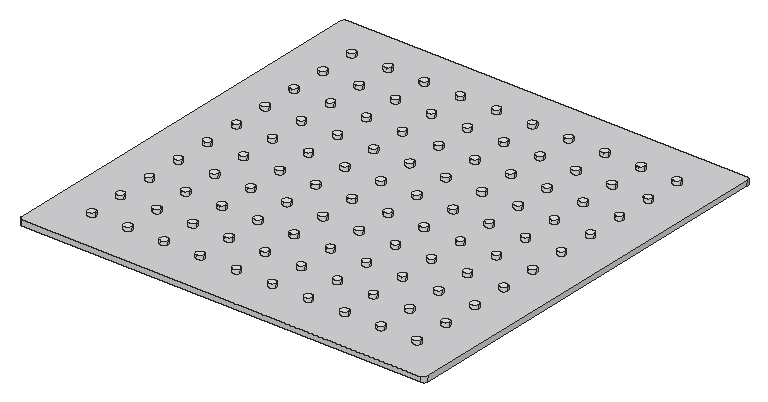
Revit family "Shower-Showerhead-KOHLER-Xpress_Katalyst-K-73038M-1", category Plumbing Fixtures, host Face, Revit 2017
Family settings
  Host = Face
  Round Connector Dimension = Use Diameter
  Part Type = Normal
  OmniClass Number = 23.31.17.00
  Cut with Voids When Loaded = No
  Shared = No
  Room Calculation Point = No
Parameters (values of type "CP-Polished Chrome")
  Width = 8"  # constant formula
  WaterSense Certified = 1 = 0  # no
  Waste Water Outlet = "Waste Water Outlet"  # constant formula
  Waste Connection = 1 = 0  # no
  Vent Connection = 1 = 0  # no
  URL = "https://la.kohler.com/es?country=MX"
  Type = 1
  Tempered Water Inlet = "Tempered Water Inlet"  # constant formula
  Product Page URL = "https://la.kohler.com/es/product-detail/73038m-cl?skuid=K-73038M-CL-CP"
  Product Name = "Xpress_Katalyst"  # constant formula
  Product Documentation Link = "http://resources.kohler.com/plumbing/kohlerla/pdf/73038T%208%20SS%20Square%20Rainhead%20Spec%20Sheet.pdf"
  Pressure = 80.00 psi  # constant formula
  Model = if(Type = 1, "K-73038M-CL-CP", "NA")  # "K-73038M-CL-CP"
  Material = "Brass Construction"  # constant formula
  Master Format 2014 Name = "Residential Showers"  # constant formula
  Master Format 2014 = "22 42 23"  # constant formula
  Manufacturer Address = "KOHLER Co. 444 Highland Dr. Kohler, WI 53044"  # constant formula
  Manufacturer = "KOHLER Co."  # constant formula
  Length = 7 255/256"  # constant formula
  Hot Water Inlet = "Hot Water Inlet"  # constant formula
  Height = 2 53/128"  # constant formula
  HW Connection = 1 = 1  # yes
  Flow Rate = 2.5 GPM  # constant formula
  Finish = Kohler-Metal-CP-Polished_Chrome
  Environmental Product Declaration = ""
  Drain Included = 1 = 0  # no
  Description = "Rainhead, 8 Inch - Contemporary"  # constant formula
  Default Elevation = 0"
  Declare Label = ""
  Date Modified = "10/20/2020"  # constant formula
  Date Created = "10/20/2020"  # constant formula
  Copyright = "Copyright KOHLER Co."  # constant formula
  Contact Us = "https://la.kohler.com/es/contact-us-page"
  Cold Water Inlet = "Cold Water Inlet"  # constant formula
  CW Connection = 1 = 0  # no
  Assembly Code = "D2010700"
  ADA Compliant = 1 = 0  # no
Reference planes (in)
  plane 1 "Center (Front/Back)": y = 0
  plane 2: z = 0
  plane 3 "Center (Left/Right)": x = 0
  plane 4: y = 3.99796
  plane 5: y = -3.99814
  plane 6: x = -3.99882
  plane 7: x = 4.00118
  plane 8: z = 2.41406
  plane 9: z = 2.06305
  plane 10: z = 2.35433
  plane 11: z = 2.25998
Dimensions and locks (in)
  "Length": plane 4 to plane 5
  "Width": plane 6 to plane 7
  plane 10 to level = 2.35433"
  "Height": plane 8 to level
  plane 7 to plane 6 = 8"
  aligned and locked: plane 2 to host face
  aligned and locked: level to host face
Automatic sketch dimensions
  host sketch curve to host sketch curve = 96"  (x2)
Nested families (in)
  nested 1: "K-73038M" at (0, 0, 0), type "K-73038M"
Connectors (in)
  piping at (0, 0, 0), diameter 0.5, driven by "Flow Rate", driven by "HW Connection", driven by "Tempered Water Inlet", driven by "Pressure"
    settings: on nested 1, index 1, connector inside diameter 24", connector length 0", flow factor 0, pipe flow 2.5 GPM, pressure drop 80.00 psi, fitting loss kfactor 0, connector angle 0.00°, fixture units 0, engagement length 0", angle of deflection 0.00°, flow configuration 1, flow direction 1, fitting loss method 4, system type 19, joint type 0, gender type 0, connector reference index -1, connector utility 1, adjustable connector no, is connector primary yes, connector description "Tempered Water Inlet"
Definition of nested family "K-73038M"
  Parameters (values of type "K-73038T")
    Material = none
  Reference planes (in)
    plane 1 "Center (Front/Back)": y = 0
    plane 2: z = 0
    plane 3 "Center (Left/Right)": x = 0
    plane 4: y = 3.99796
    plane 5: y = 3.74771
    plane 6: y = 3.19602
    plane 7: y = 2.4857
    plane 8: y = 1.77503
    plane 9: y = 1.06448
    plane 10: y = 0.35342
    plane 11: y = -3.99796
    plane 12: y = -3.74771
    plane 13: y = -3.19602
    plane 14: y = -2.4857
    plane 15: y = -1.77503
    plane 16: y = -1.06448
    plane 17: y = -0.35342
    plane 18: x = -3.99882
    plane 19: x = -3.19731
    plane 20: x = -2.48577
    plane 21: x = -1.77542
    plane 22: x = -1.06421
    plane 23: x = -0.35406
    plane 24: x = 3.99882
    plane 25: x = 3.19731
    plane 26: x = 2.48577
    plane 27: x = 1.77542
    plane 28: x = 1.06421
    plane 29: x = 0.35406
    plane 30: x = -3.74858
    plane 31: x = 3.74858
    plane 32: y = 2.98824
    plane 33: y = -2.98824
    plane 34: x = -2.90805
    plane 35: x = 2.90805
    plane 36: z = 2.41382
    plane 37: z = 2.30714
    plane 38: z = 2.35438
    plane 39: z = 2.25998
    plane 40: z = 2.24243
    plane 41: z = 2.08265
    plane 42: z = 2.06305
    plane 43: x = -0.71734
    plane 44: x = -0.6878
    plane 45: z = 0.98431
    plane 46: z = 0.86725
    plane 47: z = 0.74899
    plane 48: z = 0.5369
    plane 49: z = 0.02031
    plane 50: x = -0.49488
    plane 51: x = -0.45355
    plane 52: y = 0.71648
    plane 53: y = 0.20182
    plane 54: y = -0.20182
    plane 55: z = 0.16934
    plane 56: y = -0.71648
    plane 57: y = 0.49402
    plane 58: y = -0.49402
    plane 59: x = 0.71734
    plane 60: x = 0.6878
    plane 61: x = 0.49488
    plane 62: x = 0.45355
    plane 63: z = 1.45675
  Forms (in)
    Revolve 1, solid, material <- "Material", detail levels medium+fine
      sketch origin (-0.00366, 0, -0.0022) x (1, 0, 0) y (0, 0, 1)
        loop
          line (-0.47125, 0.00226) -> (0.00484, 0.00226) -> (0.00484, 2.16981) -> (-0.71368, 2.16981) -> (-0.71368, 0.9865) -> (-0.4358, 0.9865)
          arc (-0.4358, 0.9865) -> (-0.38706, 0.92397) -> (-0.32964, 0.86928) r 0.53745
          arc (-0.32964, 0.86928) -> (-0.30497, 0.80504) -> (-0.34757, 0.751) r 0.06961
          arc (-0.34757, 0.751) -> (-0.45197, 0.66617) -> (-0.49122, 0.53751) r 0.23047
          line (-0.49122, 0.53751) -> (-0.49122, 0.02223)
          arc (-0.49122, 0.02223) -> (-0.48537, 0.00811) -> (-0.47125, 0.00226) r 0.01997
        axis (0.00484, 2.16981) -> (0.00484, 0.00226)
      angle from 0 to 360
    Extrusion 2, solid, detail levels medium+fine
      sketch origin (0, 0, -0.33618) x (1, 0, 0) y (0, 1, 0)
        loop
          circle (3.19914, -3.1995) r 0.07415
        loop
          circle (2.48792, -3.1995) r 0.07415
        loop
          circle (1.77777, -3.1995) r 0.07415
        loop
          circle (1.06656, -3.1995) r 0.07415
        loop
          circle (0.35716, -3.1995) r 0.07415
        loop
          circle (-0.35406, -3.1995) r 0.07415
        loop
          circle (-1.06421, -3.1995) r 0.07415
        loop
          circle (-1.77542, -3.1995) r 0.07415
        loop
          circle (-2.4861, -3.1995) r 0.07415
        loop
          circle (-3.19731, -3.1995) r 0.07415
        loop
          circle (3.19914, -2.49072) r 0.07415
        loop
          circle (2.48792, -2.49072) r 0.07415
        loop
          circle (1.77777, -2.49072) r 0.07415
        loop
          circle (1.06656, -2.49072) r 0.07415
        loop
          circle (0.35716, -2.49072) r 0.07415
        loop
          circle (-0.35406, -2.49072) r 0.07415
        loop
          circle (-1.06421, -2.49072) r 0.07415
        loop
          circle (-1.77542, -2.49072) r 0.07415
        loop
          circle (-2.4861, -2.49072) r 0.07415
        loop
          circle (-3.19731, -2.49072) r 0.07415
        loop
          circle (3.20011, -1.77885) r 0.07415
        loop
          circle (2.4889, -1.77885) r 0.07415
        loop
          circle (1.77874, -1.77885) r 0.07415
        loop
          circle (1.06753, -1.77885) r 0.07415
        loop
          circle (0.35813, -1.77885) r 0.07415
        loop
          circle (-0.35308, -1.77885) r 0.07415
        loop
          circle (-1.06323, -1.77885) r 0.07415
        loop
          circle (-1.77445, -1.77885) r 0.07415
        loop
          circle (-2.48512, -1.77885) r 0.07415
        loop
          circle (-3.19633, -1.77885) r 0.07415
        loop
          circle (3.19914, -1.06793) r 0.07415
        loop
          circle (2.48792, -1.06793) r 0.07415
        loop
          circle (1.77777, -1.06793) r 0.07415
        loop
          circle (1.06656, -1.06793) r 0.07415
        loop
          circle (0.35716, -1.06793) r 0.07415
        loop
          circle (-0.35406, -1.06793) r 0.07415
        loop
          circle (-1.06421, -1.06793) r 0.07415
        loop
          circle (-1.77542, -1.06793) r 0.07415
        loop
          circle (-2.4861, -1.06793) r 0.07415
        loop
          circle (-3.19731, -1.06793) r 0.07415
        loop
          circle (3.19914, -0.3569) r 0.07415
        loop
          circle (2.48792, -0.3569) r 0.07415
        loop
          circle (1.77777, -0.3569) r 0.07415
        loop
          circle (1.06656, -0.3569) r 0.07415
        loop
          circle (0.35716, -0.3569) r 0.07415
        loop
          circle (-0.35406, -0.3569) r 0.07415
        loop
          circle (-1.06421, -0.3569) r 0.07415
        loop
          circle (-1.77542, -0.3569) r 0.07415
        loop
          circle (-2.4861, -0.3569) r 0.07415
        loop
          circle (-3.19731, -0.3569) r 0.07415
        loop
          circle (3.19914, 0.35342) r 0.07415
        loop
          circle (2.48792, 0.35342) r 0.07415
        loop
          circle (1.77777, 0.35342) r 0.07415
        loop
          circle (1.06656, 0.35342) r 0.07415
        loop
          circle (0.35716, 0.35342) r 0.07415
        loop
          circle (-0.35406, 0.35342) r 0.07415
        loop
          circle (-1.06421, 0.35342) r 0.07415
        loop
          circle (-1.77542, 0.35342) r 0.07415
        loop
          circle (-2.4861, 0.35342) r 0.07415
        loop
          circle (-3.19731, 0.35342) r 0.07415
        loop
          circle (3.19914, 1.06448) r 0.07415
        loop
          circle (2.48792, 1.06448) r 0.07415
        loop
          circle (1.77777, 1.06448) r 0.07415
        loop
          circle (1.06656, 1.06448) r 0.07415
        loop
          circle (0.35716, 1.06448) r 0.07415
        loop
          circle (-0.35406, 1.06448) r 0.07415
        loop
          circle (-1.06421, 1.06448) r 0.07415
        loop
          circle (-1.77542, 1.06448) r 0.07415
        loop
          circle (-2.4861, 1.06448) r 0.07415
        loop
          circle (-3.19731, 1.06448) r 0.07415
        loop
          circle (3.19914, 1.77503) r 0.07415
        loop
          circle (2.48792, 1.77503) r 0.07415
        loop
          circle (1.77777, 1.77503) r 0.07415
        loop
          circle (1.06656, 1.77503) r 0.07415
        loop
          circle (0.35716, 1.77503) r 0.07415
        loop
          circle (-0.35406, 1.77503) r 0.07415
        loop
          circle (-1.06421, 1.77503) r 0.07415
        loop
          circle (-1.77542, 1.77503) r 0.07415
        loop
          circle (-2.4861, 1.77503) r 0.07415
        loop
          circle (-3.19731, 1.77503) r 0.07415
        loop
          circle (3.19914, 2.4857) r 0.07415
        loop
          circle (2.48792, 2.4857) r 0.07415
        loop
          circle (1.77777, 2.4857) r 0.07415
        loop
          circle (1.06656, 2.4857) r 0.07415
        loop
          circle (0.35716, 2.4857) r 0.07415
        loop
          circle (-0.35406, 2.4857) r 0.07415
        loop
          circle (-1.06421, 2.4857) r 0.07415
        loop
          circle (-1.77542, 2.4857) r 0.07415
        loop
          circle (-2.4861, 2.4857) r 0.07415
        loop
          circle (-3.19731, 2.4857) r 0.07415
        loop
          circle (3.19914, 3.19602) r 0.07415
        loop
          circle (2.48792, 3.19602) r 0.07415
        loop
          circle (1.77777, 3.19602) r 0.07415
        loop
          circle (1.06656, 3.19602) r 0.07415
        loop
          circle (0.35716, 3.19602) r 0.07415
        loop
          circle (-0.35406, 3.19602) r 0.07415
        loop
          circle (-1.06421, 3.19602) r 0.07415
        loop
          circle (-1.77542, 3.19602) r 0.07415
        loop
          circle (-2.4861, 3.19602) r 0.07415
        loop
          circle (-3.19731, 3.19602) r 0.07415
      from 2.66005 to 2.75
    Extrusion 3, solid, material <- "Material", detail levels medium+fine
      sketch origin (0, 0, -0.0022) x (1, 0, 0) y (0, 1, 0)
        loop
          line (-3.92013, -4.00204) -> (3.92223, -4.00204)
          arc (3.92223, -4.00204) -> (3.97805, -3.97892) -> (4.00118, -3.92309) r 0.07895
          line (4.00118, -3.92309) -> (4.00118, 3.91853)
          arc (4.00118, 3.91853) -> (3.97791, 3.97469) -> (3.92175, 3.99796) r 0.07943
          line (3.92175, 3.99796) -> (-3.9201, 3.99796)
          arc (-3.9201, 3.99796) -> (-3.97577, 3.9749) -> (-3.99882, 3.91924) r 0.07872
          line (-3.99882, 3.91924) -> (-3.99882, -3.92335)
          arc (-3.99882, -3.92335) -> (-3.97577, -3.97899) -> (-3.92013, -4.00204) r 0.07869
      from 2.26218 to 2.35658
    Sweep 4, solid, material <- "Material", detail levels medium+fine
      path origin (0, 0, -0.0022) x (1, 0, 0) y (0, 1, 0)
        loop
          line (4.00118, -4.00204) -> (4.00118, 3.99796) -> (-3.99882, 3.99796) -> (-3.99882, -4.00204) -> (4.00118, -4.00204)
      profile origin (4.00118, -0.00204, -0.0022) x (-1, 0, 0) y (0, 0, 1)
        loop
          line (1.00972, 2.06524) -> (1.09096, 2.06524) -> (1.09096, 2.26218) -> (0.25025, 2.26218)
          arc (0.25025, 2.26218) -> (0.30865, 2.25776) -> (0.36573, 2.2446) r 0.3882
          line (0.36573, 2.2446) -> (0.87611, 2.08558)
          arc (0.87611, 2.08558) -> (0.94215, 2.07035) -> (1.00972, 2.06524) r 0.44914
    Extrusion 5, solid, material <- "Material", detail levels medium+fine
      sketch origin (0, 0, -0.0022) x (1, 0, 0) y (0, 1, 0)
        loop
          line (2.91021, 2.90699) -> (-2.90786, 2.90699) -> (-2.90786, -2.91108) -> (2.91021, -2.91108) -> (2.91021, 2.90699)
      from 2.06524 to 2.26218
    Extrusion 6, solid, material <- "Material", detail levels medium+fine
      sketch origin (0, 0, 0) x (1, 0, 0) y (0, 1, 0)
        loop
          circle (0, 0) r 0.25
      from 0 to 0.08537
    Extrusion 7, solid, material <- "Material", detail levels coarse
      sketch origin (0, 0, 0) x (1, 0, 0) y (0, 1, 0)
        loop
          circle (-0.03744, -0.04065) r 1.25
      from 0 to 2.32387
    Extrusion 8, solid, material <- "Material", detail levels coarse
      sketch origin (0, 0, 0) x (0, 1, 0) y (0, 0, 1)
        loop
          line (-4.03712, 2.53175) -> (-4.03712, 2.03175) -> (4.05184, 2.03175) -> (4.05184, 2.53175) -> (-4.03712, 2.53175)
      from -3.99882 to 4.00118
    Extrusion 9, void
      sketch origin (0, 0, 0) x (1, 0, 0) y (0, 0, 1)
        loop
          line (0.51051, 0.74899) -> (0.45355, 0.74899) -> (0.45355, 0.12247) -> (0.51051, 0.12247) -> (0.51051, 0.74899)
        loop
          line (-0.74859, 1.45675) -> (-0.74859, 0.98431) -> (-0.6878, 0.98431) -> (-0.6878, 1.45675) -> (-0.74859, 1.45675)
        loop
          line (-0.45355, 0.74899) -> (-0.51051, 0.74899) -> (-0.51051, 0.12247) -> (-0.45355, 0.12247) -> (-0.45355, 0.74899)
        loop
          line (0.73297, 1.45675) -> (0.6878, 1.45675) -> (0.6878, 0.98431) -> (0.73297, 0.98431) -> (0.73297, 1.45675)
      from -0.4281 to 0.46176
  Cuts and joins
    Extrusion 9 cuts Revolve 1
    joined: Revolve 1, Extrusion 3, Sweep 4, Extrusion 5
    joined: Extrusion 7, Extrusion 8
  Lines and regions (in)
    Masking region 1
      outline origin (0, 0, 0) x (1, 0, 0) y (0, 1, 0)
        loop
          line (3.9223, 3.99796) -> (-3.91944, 3.99796)
          arc (-3.91944, 3.99796) -> (-3.97557, 3.97471) -> (-3.99882, 3.91857) r 0.07939
          line (-3.99882, 3.91857) -> (-3.99882, -3.92251)
          arc (-3.99882, -3.92251) -> (-3.97553, -3.97875) -> (-3.91929, -4.00204) r 0.07953
          line (-3.91929, -4.00204) -> (3.92151, -4.00204)
          arc (3.92151, -4.00204) -> (3.97784, -3.97871) -> (4.00118, -3.92237) r 0.07967
          line (4.00118, -3.92237) -> (4.00118, 3.91908)
          arc (4.00118, 3.91908) -> (3.97808, 3.97486) -> (3.9223, 3.99796) r 0.07888
    Masking region 2
      outline origin (0, 0, 0) x (1, 0, 0) y (0, 0, 1)
        loop
          line (-3.99882, 2.35438) -> (-3.99882, 2.30714) -> (-3.99882, 2.25998) -> (-3.74849, 2.25998)
          arc (-3.74849, 2.25998) -> (-3.69017, 2.25557) -> (-3.63318, 2.24243) r 0.38761
          line (-3.63318, 2.24243) -> (-3.12199, 2.08315)
          arc (-3.12199, 2.08315) -> (-3.05668, 2.0681) -> (-2.98986, 2.06305) r 0.44417
          line (-2.98986, 2.06305) -> (-0.71734, 2.06305) -> (-0.71734, 1.45675) -> (-0.6878, 1.44771) -> (-0.6878, 0.98431) -> (-0.43947, 0.98431)
          arc (-0.43947, 0.98431) -> (-0.39072, 0.92177) -> (-0.3333, 0.86709) r 0.53745
          arc (-0.3333, 0.86709) -> (-0.30866, 0.80267) -> (-0.35156, 0.74867) r 0.06961
          arc (-0.35156, 0.74867) -> (-0.40158, 0.72101) -> (-0.44328, 0.68192) r 0.23115
          arc (-0.44328, 0.68192) -> (-0.4509, 0.66862) -> (-0.45355, 0.65353) r 0.0444
          line (-0.45355, 0.65353) -> (-0.45355, 0.16934) -> (-0.49488, 0.12801) -> (-0.49488, 0.02003)
          arc (-0.49488, 0.02003) -> (-0.48903, 0.00591) -> (-0.47491, 0.00006) r 0.01997
          line (-0.47491, 0.00006) -> (0.47491, 0.00006)
          arc (0.47491, 0.00006) -> (0.48903, 0.00591) -> (0.49488, 0.02003) r 0.01997
          line (0.49488, 0.02003) -> (0.49488, 0.13045) -> (0.45355, 0.17179) -> (0.45355, 0.65353)
          arc (0.45355, 0.65353) -> (0.4509, 0.66862) -> (0.44328, 0.68192) r 0.0444
          arc (0.44328, 0.68192) -> (0.40158, 0.72101) -> (0.35156, 0.74867) r 0.23115
          arc (0.35156, 0.74867) -> (0.30866, 0.80267) -> (0.3333, 0.86709) r 0.06961
          arc (0.3333, 0.86709) -> (0.39072, 0.92177) -> (0.43947, 0.98431) r 0.53745
          line (0.43947, 0.98431) -> (0.6878, 0.98431) -> (0.6878, 1.447) -> (0.71734, 1.45604) -> (0.71734, 2.06305) -> (2.98986, 2.06305)
          arc (2.98986, 2.06305) -> (3.05668, 2.0681) -> (3.12199, 2.08315) r 0.44417
          line (3.12199, 2.08315) -> (3.63318, 2.24243)
          arc (3.63318, 2.24243) -> (3.69017, 2.25557) -> (3.74849, 2.25998) r 0.38761
          line (3.74849, 2.25998) -> (3.99882, 2.25998) -> (3.99882, 2.30714) -> (3.99882, 2.35438) -> (3.27145, 2.35438) -> (3.27145, 2.41382) -> (3.12174, 2.41382) -> (3.12174, 2.35438) -> (2.56082, 2.35438) -> (2.56082, 2.41382) -> (2.41111, 2.41382) -> (2.41111, 2.35438) -> (1.8502, 2.35438) -> (1.8502, 2.41382) -> (1.70049, 2.41382) -> (1.70049, 2.35438) -> (1.13958, 2.35438) -> (1.13958, 2.41382) -> (0.98986, 2.41382) -> (0.98986, 2.35438) -> (0.42896, 2.35438) -> (0.42896, 2.41382) -> (0.27925, 2.41382) -> (0.27925, 2.35438) -> (-0.27925, 2.35438) -> (-0.27925, 2.41382) -> (-0.42896, 2.41382) -> (-0.42896, 2.35438) -> (-0.98986, 2.35438) -> (-0.98986, 2.41382) -> (-1.13958, 2.41382) -> (-1.13958, 2.35438) -> (-1.70049, 2.35438) -> (-1.70049, 2.41382) -> (-1.8502, 2.41382) -> (-1.8502, 2.35438) -> (-2.41111, 2.35438) -> (-2.41111, 2.41382) -> (-2.56082, 2.41382) -> (-2.56082, 2.35438) -> (-3.12174, 2.35438) -> (-3.12174, 2.41382) -> (-3.27145, 2.41382) -> (-3.27145, 2.35438) -> (-3.99882, 2.35438)
    Masking region 3
      outline origin (0, 0, 0) x (0, 1, 0) y (0, 0, 1)
        loop
          line (3.99796, 2.35438) -> (3.27059, 2.35438) -> (3.27059, 2.41382) -> (3.12088, 2.41382) -> (3.12088, 2.35438) -> (2.55996, 2.35438) -> (2.55996, 2.41382) -> (2.41025, 2.41382) -> (2.41025, 2.35438) -> (1.84934, 2.35438) -> (1.84934, 2.41382) -> (1.69962, 2.41382) -> (1.69962, 2.35438) -> (1.13871, 2.35438) -> (1.13871, 2.41382) -> (0.989, 2.41382) -> (0.989, 2.35438) -> (0.4281, 2.35438) -> (0.4281, 2.41382) -> (0.27839, 2.41382) -> (0.27839, 2.35438) -> (-0.28011, 2.35438) -> (-0.28011, 2.41382) -> (-0.42983, 2.41382) -> (-0.42983, 2.35438) -> (-0.99073, 2.35438) -> (-0.99073, 2.41382) -> (-1.14044, 2.41382) -> (-1.14044, 2.35438) -> (-1.70135, 2.35438) -> (-1.70135, 2.41382) -> (-1.85106, 2.41382) -> (-1.85106, 2.35438) -> (-2.41198, 2.35438) -> (-2.41198, 2.41382) -> (-2.56169, 2.41382) -> (-2.56169, 2.35438) -> (-3.12261, 2.35438) -> (-3.12261, 2.41382) -> (-3.27232, 2.41382) -> (-3.27232, 2.35438) -> (-3.99969, 2.35438) -> (-3.99969, 2.30714) -> (-3.99969, 2.25998) -> (-3.74935, 2.25998)
          arc (-3.74935, 2.25998) -> (-3.69103, 2.25557) -> (-3.63405, 2.24243) r 0.38761
          line (-3.63405, 2.24243) -> (-3.12285, 2.08315)
          arc (-3.12285, 2.08315) -> (-3.05755, 2.0681) -> (-2.99072, 2.06305) r 0.44417
          line (-2.99072, 2.06305) -> (-0.71648, 2.06305) -> (-0.71648, 0.98431) -> (-0.44277, 0.98431)
          arc (-0.44277, 0.98431) -> (-0.39402, 0.92177) -> (-0.33661, 0.86709) r 0.53745
          arc (-0.33661, 0.86709) -> (-0.31197, 0.80267) -> (-0.35487, 0.74867) r 0.06961
          arc (-0.35487, 0.74867) -> (-0.44432, 0.6846) -> (-0.49402, 0.58644) r 0.23115
          line (-0.49402, 0.58644) -> (-0.49402, 0.02003)
          arc (-0.49402, 0.02003) -> (-0.48817, 0.00591) -> (-0.47405, 0.00006) r 0.01997
          line (-0.47405, 0.00006) -> (0.47405, 0.00006)
          arc (0.47405, 0.00006) -> (0.48817, 0.00591) -> (0.49402, 0.02003) r 0.01997
          line (0.49402, 0.02003) -> (0.49402, 0.56315)
          arc (0.49402, 0.56315) -> (0.44762, 0.67543) -> (0.3507, 0.74867) r 0.23115
          arc (0.3507, 0.74867) -> (0.3078, 0.80267) -> (0.33244, 0.86709) r 0.06961
          arc (0.33244, 0.86709) -> (0.38985, 0.92177) -> (0.4386, 0.98431) r 0.53745
          line (0.4386, 0.98431) -> (0.71648, 0.98431) -> (0.71648, 2.06305) -> (2.989, 2.06305)
          arc (2.989, 2.06305) -> (3.05582, 2.0681) -> (3.12112, 2.08315) r 0.44417
          line (3.12112, 2.08315) -> (3.63232, 2.24243)
          arc (3.63232, 2.24243) -> (3.68931, 2.25557) -> (3.74762, 2.25998) r 0.38761
          line (3.74762, 2.25998) -> (3.99796, 2.25998) -> (3.99796, 2.30714) -> (3.99796, 2.35438)
    symbolic lines, detail levels medium+fine
      curve 1: circle (-3.19691, 3.19589, 0) r 0.07258 normal (0, 0, 1)
      curve 2: circle (-3.19691, 3.19589, 0) r 0.06766 normal (0, 0, 1)
      curve 3: circle (-3.19691, 3.19589, 0) r 0.054 normal (0, 0, 1)
      curve 4: circle (-3.19691, 3.19589, 0) r 0.04622 normal (0, 0, 1)
      curve 5: circle (-2.48577, 3.19589, 0) r 0.07258 normal (0, 0, 1)
      curve 6: circle (-2.48577, 3.19589, 0) r 0.06766 normal (0, 0, 1)
      curve 7: circle (-2.48577, 3.19589, 0) r 0.054 normal (0, 0, 1)
      curve 8: circle (-2.48577, 3.19589, 0) r 0.04622 normal (0, 0, 1)
      curve 9: circle (-1.77521, 3.19589, 0) r 0.07258 normal (0, 0, 1)
      curve 10: circle (-1.77521, 3.19589, 0) r 0.06766 normal (0, 0, 1)
      curve 11: circle (-1.77521, 3.19589, 0) r 0.054 normal (0, 0, 1)
      curve 12: circle (-1.77521, 3.19589, 0) r 0.04622 normal (0, 0, 1)
      curve 13: circle (-1.06451, 3.19589, 0) r 0.07258 normal (0, 0, 1)
      curve 14: circle (-1.06451, 3.19589, 0) r 0.06766 normal (0, 0, 1)
      curve 15: circle (-1.06451, 3.19589, 0) r 0.054 normal (0, 0, 1)
      curve 16: circle (-1.06451, 3.19589, 0) r 0.04622 normal (0, 0, 1)
      curve 17: circle (-0.35388, 3.19589, 0) r 0.07258 normal (0, 0, 1)
      curve 18: circle (-0.35388, 3.19589, 0) r 0.06766 normal (0, 0, 1)
      curve 19: circle (-0.35388, 3.19589, 0) r 0.054 normal (0, 0, 1)
      curve 20: circle (-0.35388, 3.19589, 0) r 0.04622 normal (0, 0, 1)
      curve 21: circle (-3.19691, 2.48557, 0) r 0.07258 normal (0, 0, 1)
      curve 22: circle (-3.19691, 2.48557, 0) r 0.06766 normal (0, 0, 1)
      curve 23: circle (-3.19691, 2.48557, 0) r 0.054 normal (0, 0, 1)
      curve 24: circle (-3.19691, 2.48557, 0) r 0.04622 normal (0, 0, 1)
      curve 25: circle (-2.48577, 2.48557, 0) r 0.07258 normal (0, 0, 1)
      curve 26: circle (-2.48577, 2.48557, 0) r 0.06766 normal (0, 0, 1)
      curve 27: circle (-2.48577, 2.48557, 0) r 0.054 normal (0, 0, 1)
      curve 28: circle (-2.48577, 2.48557, 0) r 0.04622 normal (0, 0, 1)
      curve 29: circle (-1.77521, 2.48557, 0) r 0.07258 normal (0, 0, 1)
      curve 30: circle (-1.77521, 2.48557, 0) r 0.06766 normal (0, 0, 1)
      curve 31: circle (-1.77521, 2.48557, 0) r 0.054 normal (0, 0, 1)
      curve 32: circle (-1.77521, 2.48557, 0) r 0.04622 normal (0, 0, 1)
      curve 33: circle (-1.06451, 2.48557, 0) r 0.07258 normal (0, 0, 1)
      curve 34: circle (-1.06451, 2.48557, 0) r 0.06766 normal (0, 0, 1)
      curve 35: circle (-1.06451, 2.48557, 0) r 0.054 normal (0, 0, 1)
      curve 36: circle (-1.06451, 2.48557, 0) r 0.04622 normal (0, 0, 1)
      curve 37: circle (-0.35388, 2.48557, 0) r 0.07258 normal (0, 0, 1)
      curve 38: circle (-0.35388, 2.48557, 0) r 0.06766 normal (0, 0, 1)
      curve 39: circle (-0.35388, 2.48557, 0) r 0.054 normal (0, 0, 1)
      curve 40: circle (-0.35388, 2.48557, 0) r 0.04622 normal (0, 0, 1)
      curve 41: circle (-3.19691, 1.77458, 0) r 0.07258 normal (0, 0, 1)
      curve 42: circle (-3.19691, 1.77458, 0) r 0.06766 normal (0, 0, 1)
      curve 43: circle (-3.19691, 1.77458, 0) r 0.054 normal (0, 0, 1)
      curve 44: circle (-3.19691, 1.77458, 0) r 0.04622 normal (0, 0, 1)
      curve 45: circle (-2.48577, 1.77458, 0) r 0.07258 normal (0, 0, 1)
      curve 46: circle (-2.48577, 1.77458, 0) r 0.06766 normal (0, 0, 1)
      curve 47: circle (-2.48577, 1.77458, 0) r 0.054 normal (0, 0, 1)
      curve 48: circle (-2.48577, 1.77458, 0) r 0.04622 normal (0, 0, 1)
      curve 49: circle (-1.77521, 1.77458, 0) r 0.07258 normal (0, 0, 1)
      curve 50: circle (-1.77521, 1.77458, 0) r 0.06766 normal (0, 0, 1)
      curve 51: circle (-1.77521, 1.77458, 0) r 0.054 normal (0, 0, 1)
      curve 52: circle (-1.77521, 1.77458, 0) r 0.04622 normal (0, 0, 1)
      curve 53: circle (-1.06451, 1.77458, 0) r 0.07258 normal (0, 0, 1)
      curve 54: circle (-1.06451, 1.77458, 0) r 0.06766 normal (0, 0, 1)
      curve 55: circle (-1.06451, 1.77458, 0) r 0.054 normal (0, 0, 1)
      curve 56: circle (-1.06451, 1.77458, 0) r 0.04622 normal (0, 0, 1)
      curve 57: circle (-0.35388, 1.77458, 0) r 0.07258 normal (0, 0, 1)
      curve 58: circle (-0.35388, 1.77458, 0) r 0.06766 normal (0, 0, 1)
      curve 59: circle (-0.35388, 1.77458, 0) r 0.054 normal (0, 0, 1)
      curve 60: circle (-0.35388, 1.77458, 0) r 0.04622 normal (0, 0, 1)
      curve 61: circle (-3.19691, 1.06411, 0) r 0.07258 normal (0, 0, 1)
      curve 62: circle (-3.19691, 1.06411, 0) r 0.06766 normal (0, 0, 1)
      curve 63: circle (-3.19691, 1.06411, 0) r 0.054 normal (0, 0, 1)
      curve 64: circle (-3.19691, 1.06411, 0) r 0.04622 normal (0, 0, 1)
      curve 65: circle (-2.48577, 1.06411, 0) r 0.07258 normal (0, 0, 1)
      curve 66: circle (-2.48577, 1.06411, 0) r 0.06766 normal (0, 0, 1)
      curve 67: circle (-2.48577, 1.06411, 0) r 0.054 normal (0, 0, 1)
      curve 68: circle (-2.48577, 1.06411, 0) r 0.04622 normal (0, 0, 1)
      curve 69: circle (-1.77521, 1.06411, 0) r 0.07258 normal (0, 0, 1)
      curve 70: circle (-1.77521, 1.06411, 0) r 0.06766 normal (0, 0, 1)
      curve 71: circle (-1.77521, 1.06411, 0) r 0.054 normal (0, 0, 1)
      curve 72: circle (-1.77521, 1.06411, 0) r 0.04622 normal (0, 0, 1)
      curve 73: circle (-1.06451, 1.06411, 0) r 0.07258 normal (0, 0, 1)
      curve 74: circle (-1.06451, 1.06411, 0) r 0.06766 normal (0, 0, 1)
      curve 75: circle (-1.06451, 1.06411, 0) r 0.054 normal (0, 0, 1)
      curve 76: circle (-1.06451, 1.06411, 0) r 0.04622 normal (0, 0, 1)
      curve 77: circle (-0.35388, 1.06411, 0) r 0.07258 normal (0, 0, 1)
      curve 78: circle (-0.35388, 1.06411, 0) r 0.06766 normal (0, 0, 1)
      curve 79: circle (-0.35388, 1.06411, 0) r 0.054 normal (0, 0, 1)
      curve 80: circle (-0.35388, 1.06411, 0) r 0.04622 normal (0, 0, 1)
      curve 81: circle (-3.19691, 0.3534, 0) r 0.07258 normal (0, 0, 1)
      curve 82: circle (-3.19691, 0.3534, 0) r 0.06766 normal (0, 0, 1)
      curve 83: circle (-3.19691, 0.3534, 0) r 0.054 normal (0, 0, 1)
      curve 84: circle (-3.19691, 0.3534, 0) r 0.04622 normal (0, 0, 1)
      curve 85: circle (-2.48577, 0.3534, 0) r 0.07258 normal (0, 0, 1)
      curve 86: circle (-2.48577, 0.3534, 0) r 0.06766 normal (0, 0, 1)
      curve 87: circle (-2.48577, 0.3534, 0) r 0.054 normal (0, 0, 1)
      curve 88: circle (-2.48577, 0.3534, 0) r 0.04622 normal (0, 0, 1)
      curve 89: circle (-1.77521, 0.3534, 0) r 0.07258 normal (0, 0, 1)
      curve 90: circle (-1.77521, 0.3534, 0) r 0.06766 normal (0, 0, 1)
      curve 91: circle (-1.77521, 0.3534, 0) r 0.054 normal (0, 0, 1)
      curve 92: circle (-1.77521, 0.3534, 0) r 0.04622 normal (0, 0, 1)
      curve 93: circle (-1.06451, 0.3534, 0) r 0.07258 normal (0, 0, 1)
      curve 94: circle (-1.06451, 0.3534, 0) r 0.06766 normal (0, 0, 1)
      curve 95: circle (-1.06451, 0.3534, 0) r 0.054 normal (0, 0, 1)
      curve 96: circle (-1.06451, 0.3534, 0) r 0.04622 normal (0, 0, 1)
      curve 97: circle (-0.35388, 0.3534, 0) r 0.07258 normal (0, 0, 1)
      curve 98: circle (-0.35388, 0.3534, 0) r 0.06766 normal (0, 0, 1)
      curve 99: circle (-0.35388, 0.3534, 0) r 0.054 normal (0, 0, 1)
      curve 100: circle (-0.35388, 0.3534, 0) r 0.04622 normal (0, 0, 1)
      curve 101: circle (-3.19691, -3.19589, 0) r 0.07258 normal (0, 0, -1)
      curve 102: circle (-3.19691, -3.19589, 0) r 0.06766 normal (0, 0, -1)
      curve 103: circle (-3.19691, -3.19589, 0) r 0.054 normal (0, 0, -1)
      curve 104: circle (-3.19691, -3.19589, 0) r 0.04622 normal (0, 0, -1)
      curve 105: circle (-2.48577, -3.19589, 0) r 0.07258 normal (0, 0, -1)
      curve 106: circle (-2.48577, -3.19589, 0) r 0.06766 normal (0, 0, -1)
      curve 107: circle (-2.48577, -3.19589, 0) r 0.054 normal (0, 0, -1)
      curve 108: circle (-2.48577, -3.19589, 0) r 0.04622 normal (0, 0, -1)
      curve 109: circle (-1.77521, -3.19589, 0) r 0.07258 normal (0, 0, -1)
      curve 110: circle (-1.77521, -3.19589, 0) r 0.06766 normal (0, 0, -1)
      curve 111: circle (-1.77521, -3.19589, 0) r 0.054 normal (0, 0, -1)
      curve 112: circle (-1.77521, -3.19589, 0) r 0.04622 normal (0, 0, -1)
      curve 113: circle (-1.06451, -3.19589, 0) r 0.07258 normal (0, 0, -1)
      curve 114: circle (-1.06451, -3.19589, 0) r 0.06766 normal (0, 0, -1)
      curve 115: circle (-1.06451, -3.19589, 0) r 0.054 normal (0, 0, -1)
      curve 116: circle (-1.06451, -3.19589, 0) r 0.04622 normal (0, 0, -1)
      curve 117: circle (-0.35388, -3.19589, 0) r 0.07258 normal (0, 0, -1)
      curve 118: circle (-0.35388, -3.19589, 0) r 0.06766 normal (0, 0, -1)
      curve 119: circle (-0.35388, -3.19589, 0) r 0.054 normal (0, 0, -1)
      curve 120: circle (-0.35388, -3.19589, 0) r 0.04622 normal (0, 0, -1)
      curve 121: circle (-3.19691, -2.48557, 0) r 0.07258 normal (0, 0, -1)
      curve 122: circle (-3.19691, -2.48557, 0) r 0.06766 normal (0, 0, -1)
      curve 123: circle (-3.19691, -2.48557, 0) r 0.054 normal (0, 0, -1)
      curve 124: circle (-3.19691, -2.48557, 0) r 0.04622 normal (0, 0, -1)
      curve 125: circle (-2.48577, -2.48557, 0) r 0.07258 normal (0, 0, -1)
      curve 126: circle (-2.48577, -2.48557, 0) r 0.06766 normal (0, 0, -1)
      curve 127: circle (-2.48577, -2.48557, 0) r 0.054 normal (0, 0, -1)
      curve 128: circle (-2.48577, -2.48557, 0) r 0.04622 normal (0, 0, -1)
      curve 129: circle (-1.77521, -2.48557, 0) r 0.07258 normal (0, 0, -1)
      curve 130: circle (-1.77521, -2.48557, 0) r 0.06766 normal (0, 0, -1)
      curve 131: circle (-1.77521, -2.48557, 0) r 0.054 normal (0, 0, -1)
      curve 132: circle (-1.77521, -2.48557, 0) r 0.04622 normal (0, 0, -1)
      curve 133: circle (-1.06451, -2.48557, 0) r 0.07258 normal (0, 0, -1)
      curve 134: circle (-1.06451, -2.48557, 0) r 0.06766 normal (0, 0, -1)
      curve 135: circle (-1.06451, -2.48557, 0) r 0.054 normal (0, 0, -1)
      curve 136: circle (-1.06451, -2.48557, 0) r 0.04622 normal (0, 0, -1)
      curve 137: circle (-0.35388, -2.48557, 0) r 0.07258 normal (0, 0, -1)
      curve 138: circle (-0.35388, -2.48557, 0) r 0.06766 normal (0, 0, -1)
      curve 139: circle (-0.35388, -2.48557, 0) r 0.054 normal (0, 0, -1)
      curve 140: circle (-0.35388, -2.48557, 0) r 0.04622 normal (0, 0, -1)
      curve 141: circle (-3.19691, -1.77458, 0) r 0.07258 normal (0, 0, -1)
      curve 142: circle (-3.19691, -1.77458, 0) r 0.06766 normal (0, 0, -1)
      curve 143: circle (-3.19691, -1.77458, 0) r 0.054 normal (0, 0, -1)
      curve 144: circle (-3.19691, -1.77458, 0) r 0.04622 normal (0, 0, -1)
      curve 145: circle (-2.48577, -1.77458, 0) r 0.07258 normal (0, 0, -1)
      curve 146: circle (-2.48577, -1.77458, 0) r 0.06766 normal (0, 0, -1)
      curve 147: circle (-2.48577, -1.77458, 0) r 0.054 normal (0, 0, -1)
      curve 148: circle (-2.48577, -1.77458, 0) r 0.04622 normal (0, 0, -1)
      curve 149: circle (-1.77521, -1.77458, 0) r 0.07258 normal (0, 0, -1)
      curve 150: circle (-1.77521, -1.77458, 0) r 0.06766 normal (0, 0, -1)
      curve 151: circle (-1.77521, -1.77458, 0) r 0.054 normal (0, 0, -1)
      curve 152: circle (-1.77521, -1.77458, 0) r 0.04622 normal (0, 0, -1)
      curve 153: circle (-1.06451, -1.77458, 0) r 0.07258 normal (0, 0, -1)
      curve 154: circle (-1.06451, -1.77458, 0) r 0.06766 normal (0, 0, -1)
      curve 155: circle (-1.06451, -1.77458, 0) r 0.054 normal (0, 0, -1)
      curve 156: circle (-1.06451, -1.77458, 0) r 0.04622 normal (0, 0, -1)
      curve 157: circle (-0.35388, -1.77458, 0) r 0.07258 normal (0, 0, -1)
      curve 158: circle (-0.35388, -1.77458, 0) r 0.06766 normal (0, 0, -1)
      curve 159: circle (-0.35388, -1.77458, 0) r 0.054 normal (0, 0, -1)
      curve 160: circle (-0.35388, -1.77458, 0) r 0.04622 normal (0, 0, -1)
      curve 161: circle (-3.19691, -1.06411, 0) r 0.07258 normal (0, 0, -1)
      curve 162: circle (-3.19691, -1.06411, 0) r 0.06766 normal (0, 0, -1)
      curve 163: circle (-3.19691, -1.06411, 0) r 0.054 normal (0, 0, -1)
      curve 164: circle (-3.19691, -1.06411, 0) r 0.04622 normal (0, 0, -1)
      curve 165: circle (-2.48577, -1.06411, 0) r 0.07258 normal (0, 0, -1)
      curve 166: circle (-2.48577, -1.06411, 0) r 0.06766 normal (0, 0, -1)
      curve 167: circle (-2.48577, -1.06411, 0) r 0.054 normal (0, 0, -1)
      curve 168: circle (-2.48577, -1.06411, 0) r 0.04622 normal (0, 0, -1)
      curve 169: circle (-1.77521, -1.06411, 0) r 0.07258 normal (0, 0, -1)
      curve 170: circle (-1.77521, -1.06411, 0) r 0.06766 normal (0, 0, -1)
      curve 171: circle (-1.77521, -1.06411, 0) r 0.054 normal (0, 0, -1)
      curve 172: circle (-1.77521, -1.06411, 0) r 0.04622 normal (0, 0, -1)
      curve 173: circle (-1.06451, -1.06411, 0) r 0.07258 normal (0, 0, -1)
      curve 174: circle (-1.06451, -1.06411, 0) r 0.06766 normal (0, 0, -1)
      curve 175: circle (-1.06451, -1.06411, 0) r 0.054 normal (0, 0, -1)
      curve 176: circle (-1.06451, -1.06411, 0) r 0.04622 normal (0, 0, -1)
      curve 177: circle (-0.35388, -1.06411, 0) r 0.07258 normal (0, 0, -1)
      curve 178: circle (-0.35388, -1.06411, 0) r 0.06766 normal (0, 0, -1)
      curve 179: circle (-0.35388, -1.06411, 0) r 0.054 normal (0, 0, -1)
      curve 180: circle (-0.35388, -1.06411, 0) r 0.04622 normal (0, 0, -1)
      curve 181: circle (-3.19691, -0.3534, 0) r 0.07258 normal (0, 0, -1)
      curve 182: circle (-3.19691, -0.3534, 0) r 0.06766 normal (0, 0, -1)
      curve 183: circle (-3.19691, -0.3534, 0) r 0.054 normal (0, 0, -1)
      curve 184: circle (-3.19691, -0.3534, 0) r 0.04622 normal (0, 0, -1)
      curve 185: circle (-2.48577, -0.3534, 0) r 0.07258 normal (0, 0, -1)
      curve 186: circle (-2.48577, -0.3534, 0) r 0.06766 normal (0, 0, -1)
      curve 187: circle (-2.48577, -0.3534, 0) r 0.054 normal (0, 0, -1)
      curve 188: circle (-2.48577, -0.3534, 0) r 0.04622 normal (0, 0, -1)
      curve 189: circle (-1.77521, -0.3534, 0) r 0.07258 normal (0, 0, -1)
      curve 190: circle (-1.77521, -0.3534, 0) r 0.06766 normal (0, 0, -1)
      curve 191: circle (-1.77521, -0.3534, 0) r 0.054 normal (0, 0, -1)
      curve 192: circle (-1.77521, -0.3534, 0) r 0.04622 normal (0, 0, -1)
      curve 193: circle (-1.06451, -0.3534, 0) r 0.07258 normal (0, 0, -1)
      curve 194: circle (-1.06451, -0.3534, 0) r 0.06766 normal (0, 0, -1)
      curve 195: circle (-1.06451, -0.3534, 0) r 0.054 normal (0, 0, -1)
      curve 196: circle (-1.06451, -0.3534, 0) r 0.04622 normal (0, 0, -1)
      curve 197: circle (-0.35388, -0.3534, 0) r 0.07258 normal (0, 0, -1)
      curve 198: circle (-0.35388, -0.3534, 0) r 0.06766 normal (0, 0, -1)
      curve 199: circle (-0.35388, -0.3534, 0) r 0.054 normal (0, 0, -1)
      curve 200: circle (-0.35388, -0.3534, 0) r 0.04622 normal (0, 0, -1)
      curve 201: circle (3.19691, 3.19589, 0) r 0.07258 normal (0, 0, -1)
      curve 202: circle (3.19691, 3.19589, 0) r 0.06766 normal (0, 0, -1)
      curve 203: circle (3.19691, 3.19589, 0) r 0.054 normal (0, 0, -1)
      curve 204: circle (3.19691, 3.19589, 0) r 0.04622 normal (0, 0, -1)
      curve 205: circle (2.48577, 3.19589, 0) r 0.07258 normal (0, 0, -1)
      curve 206: circle (2.48577, 3.19589, 0) r 0.06766 normal (0, 0, -1)
      curve 207: circle (2.48577, 3.19589, 0) r 0.054 normal (0, 0, -1)
      curve 208: circle (2.48577, 3.19589, 0) r 0.04622 normal (0, 0, -1)
      curve 209: circle (1.77521, 3.19589, 0) r 0.07258 normal (0, 0, -1)
      curve 210: circle (1.77521, 3.19589, 0) r 0.06766 normal (0, 0, -1)
      curve 211: circle (1.77521, 3.19589, 0) r 0.054 normal (0, 0, -1)
      curve 212: circle (1.77521, 3.19589, 0) r 0.04622 normal (0, 0, -1)
      curve 213: circle (1.06451, 3.19589, 0) r 0.07258 normal (0, 0, -1)
      curve 214: circle (1.06451, 3.19589, 0) r 0.06766 normal (0, 0, -1)
      curve 215: circle (1.06451, 3.19589, 0) r 0.054 normal (0, 0, -1)
      curve 216: circle (1.06451, 3.19589, 0) r 0.04622 normal (0, 0, -1)
      curve 217: circle (0.35388, 3.19589, 0) r 0.07258 normal (0, 0, -1)
      curve 218: circle (0.35388, 3.19589, 0) r 0.06766 normal (0, 0, -1)
      curve 219: circle (0.35388, 3.19589, 0) r 0.054 normal (0, 0, -1)
      curve 220: circle (0.35388, 3.19589, 0) r 0.04622 normal (0, 0, -1)
      curve 221: circle (3.19691, 2.48557, 0) r 0.07258 normal (0, 0, -1)
      curve 222: circle (3.19691, 2.48557, 0) r 0.06766 normal (0, 0, -1)
      curve 223: circle (3.19691, 2.48557, 0) r 0.054 normal (0, 0, -1)
      curve 224: circle (3.19691, 2.48557, 0) r 0.04622 normal (0, 0, -1)
      curve 225: circle (2.48577, 2.48557, 0) r 0.07258 normal (0, 0, -1)
      curve 226: circle (2.48577, 2.48557, 0) r 0.06766 normal (0, 0, -1)
      curve 227: circle (2.48577, 2.48557, 0) r 0.054 normal (0, 0, -1)
      curve 228: circle (2.48577, 2.48557, 0) r 0.04622 normal (0, 0, -1)
      curve 229: circle (1.77521, 2.48557, 0) r 0.07258 normal (0, 0, -1)
      curve 230: circle (1.77521, 2.48557, 0) r 0.06766 normal (0, 0, -1)
      curve 231: circle (1.77521, 2.48557, 0) r 0.054 normal (0, 0, -1)
      curve 232: circle (1.77521, 2.48557, 0) r 0.04622 normal (0, 0, -1)
      curve 233: circle (1.06451, 2.48557, 0) r 0.07258 normal (0, 0, -1)
      curve 234: circle (1.06451, 2.48557, 0) r 0.06766 normal (0, 0, -1)
      curve 235: circle (1.06451, 2.48557, 0) r 0.054 normal (0, 0, -1)
      curve 236: circle (1.06451, 2.48557, 0) r 0.04622 normal (0, 0, -1)
      curve 237: circle (0.35388, 2.48557, 0) r 0.07258 normal (0, 0, -1)
      curve 238: circle (0.35388, 2.48557, 0) r 0.06766 normal (0, 0, -1)
      curve 239: circle (0.35388, 2.48557, 0) r 0.054 normal (0, 0, -1)
      curve 240: circle (0.35388, 2.48557, 0) r 0.04622 normal (0, 0, -1)
      curve 241: circle (3.19691, 1.77458, 0) r 0.07258 normal (0, 0, -1)
      curve 242: circle (3.19691, 1.77458, 0) r 0.06766 normal (0, 0, -1)
      curve 243: circle (3.19691, 1.77458, 0) r 0.054 normal (0, 0, -1)
      curve 244: circle (3.19691, 1.77458, 0) r 0.04622 normal (0, 0, -1)
      curve 245: circle (2.48577, 1.77458, 0) r 0.07258 normal (0, 0, -1)
      curve 246: circle (2.48577, 1.77458, 0) r 0.06766 normal (0, 0, -1)
      curve 247: circle (2.48577, 1.77458, 0) r 0.054 normal (0, 0, -1)
      curve 248: circle (2.48577, 1.77458, 0) r 0.04622 normal (0, 0, -1)
      curve 249: circle (1.77521, 1.77458, 0) r 0.07258 normal (0, 0, -1)
      curve 250: circle (1.77521, 1.77458, 0) r 0.06766 normal (0, 0, -1)
      curve 251: circle (1.77521, 1.77458, 0) r 0.054 normal (0, 0, -1)
      curve 252: circle (1.77521, 1.77458, 0) r 0.04622 normal (0, 0, -1)
      curve 253: circle (1.06451, 1.77458, 0) r 0.07258 normal (0, 0, -1)
      curve 254: circle (1.06451, 1.77458, 0) r 0.06766 normal (0, 0, -1)
      curve 255: circle (1.06451, 1.77458, 0) r 0.054 normal (0, 0, -1)
      curve 256: circle (1.06451, 1.77458, 0) r 0.04622 normal (0, 0, -1)
      curve 257: circle (0.35388, 1.77458, 0) r 0.07258 normal (0, 0, -1)
      curve 258: circle (0.35388, 1.77458, 0) r 0.06766 normal (0, 0, -1)
      curve 259: circle (0.35388, 1.77458, 0) r 0.054 normal (0, 0, -1)
      curve 260: circle (0.35388, 1.77458, 0) r 0.04622 normal (0, 0, -1)
      curve 261: circle (3.19691, 1.06411, 0) r 0.07258 normal (0, 0, -1)
      curve 262: circle (3.19691, 1.06411, 0) r 0.06766 normal (0, 0, -1)
      curve 263: circle (3.19691, 1.06411, 0) r 0.054 normal (0, 0, -1)
      curve 264: circle (3.19691, 1.06411, 0) r 0.04622 normal (0, 0, -1)
      curve 265: circle (2.48577, 1.06411, 0) r 0.07258 normal (0, 0, -1)
      curve 266: circle (2.48577, 1.06411, 0) r 0.06766 normal (0, 0, -1)
      curve 267: circle (2.48577, 1.06411, 0) r 0.054 normal (0, 0, -1)
      curve 268: circle (2.48577, 1.06411, 0) r 0.04622 normal (0, 0, -1)
      curve 269: circle (1.77521, 1.06411, 0) r 0.07258 normal (0, 0, -1)
      curve 270: circle (1.77521, 1.06411, 0) r 0.06766 normal (0, 0, -1)
      curve 271: circle (1.77521, 1.06411, 0) r 0.054 normal (0, 0, -1)
      curve 272: circle (1.77521, 1.06411, 0) r 0.04622 normal (0, 0, -1)
      curve 273: circle (1.06451, 1.06411, 0) r 0.07258 normal (0, 0, -1)
      curve 274: circle (1.06451, 1.06411, 0) r 0.06766 normal (0, 0, -1)
      curve 275: circle (1.06451, 1.06411, 0) r 0.054 normal (0, 0, -1)
      curve 276: circle (1.06451, 1.06411, 0) r 0.04622 normal (0, 0, -1)
      curve 277: circle (0.35388, 1.06411, 0) r 0.07258 normal (0, 0, -1)
      curve 278: circle (0.35388, 1.06411, 0) r 0.06766 normal (0, 0, -1)
      curve 279: circle (0.35388, 1.06411, 0) r 0.054 normal (0, 0, -1)
      curve 280: circle (0.35388, 1.06411, 0) r 0.04622 normal (0, 0, -1)
      curve 281: circle (3.19691, 0.3534, 0) r 0.07258 normal (0, 0, -1)
      curve 282: circle (3.19691, 0.3534, 0) r 0.06766 normal (0, 0, -1)
      curve 283: circle (3.19691, 0.3534, 0) r 0.054 normal (0, 0, -1)
      curve 284: circle (3.19691, 0.3534, 0) r 0.04622 normal (0, 0, -1)
      curve 285: circle (2.48577, 0.3534, 0) r 0.07258 normal (0, 0, -1)
      curve 286: circle (2.48577, 0.3534, 0) r 0.06766 normal (0, 0, -1)
      curve 287: circle (2.48577, 0.3534, 0) r 0.054 normal (0, 0, -1)
      curve 288: circle (2.48577, 0.3534, 0) r 0.04622 normal (0, 0, -1)
      curve 289: circle (1.77521, 0.3534, 0) r 0.07258 normal (0, 0, -1)
      curve 290: circle (1.77521, 0.3534, 0) r 0.06766 normal (0, 0, -1)
      curve 291: circle (1.77521, 0.3534, 0) r 0.054 normal (0, 0, -1)
      curve 292: circle (1.77521, 0.3534, 0) r 0.04622 normal (0, 0, -1)
      curve 293: circle (1.06451, 0.3534, 0) r 0.07258 normal (0, 0, -1)
      curve 294: circle (1.06451, 0.3534, 0) r 0.06766 normal (0, 0, -1)
      curve 295: circle (1.06451, 0.3534, 0) r 0.054 normal (0, 0, -1)
      curve 296: circle (1.06451, 0.3534, 0) r 0.04622 normal (0, 0, -1)
      curve 297: circle (0.35388, 0.3534, 0) r 0.07258 normal (0, 0, -1)
      curve 298: circle (0.35388, 0.3534, 0) r 0.06766 normal (0, 0, -1)
      curve 299: circle (0.35388, 0.3534, 0) r 0.054 normal (0, 0, -1)
      curve 300: circle (0.35388, 0.3534, 0) r 0.04622 normal (0, 0, -1)
      curve 301: circle (3.19691, -3.19589, 0) r 0.07258 normal (0, 0, 1)
      curve 302: circle (3.19691, -3.19589, 0) r 0.06766 normal (0, 0, 1)
      curve 303: circle (3.19691, -3.19589, 0) r 0.054 normal (0, 0, 1)
      curve 304: circle (3.19691, -3.19589, 0) r 0.04622 normal (0, 0, 1)
      curve 305: circle (2.48577, -3.19589, 0) r 0.07258 normal (0, 0, 1)
      curve 306: circle (2.48577, -3.19589, 0) r 0.06766 normal (0, 0, 1)
      curve 307: circle (2.48577, -3.19589, 0) r 0.054 normal (0, 0, 1)
      curve 308: circle (2.48577, -3.19589, 0) r 0.04622 normal (0, 0, 1)
      curve 309: circle (1.77521, -3.19589, 0) r 0.07258 normal (0, 0, 1)
      curve 310: circle (1.77521, -3.19589, 0) r 0.06766 normal (0, 0, 1)
      curve 311: circle (1.77521, -3.19589, 0) r 0.054 normal (0, 0, 1)
      curve 312: circle (1.77521, -3.19589, 0) r 0.04622 normal (0, 0, 1)
      curve 313: circle (1.06451, -3.19589, 0) r 0.07258 normal (0, 0, 1)
      curve 314: circle (1.06451, -3.19589, 0) r 0.06766 normal (0, 0, 1)
      curve 315: circle (1.06451, -3.19589, 0) r 0.054 normal (0, 0, 1)
      curve 316: circle (1.06451, -3.19589, 0) r 0.04622 normal (0, 0, 1)
      curve 317: circle (0.35388, -3.19589, 0) r 0.07258 normal (0, 0, 1)
      curve 318: circle (0.35388, -3.19589, 0) r 0.06766 normal (0, 0, 1)
      curve 319: circle (0.35388, -3.19589, 0) r 0.054 normal (0, 0, 1)
      curve 320: circle (0.35388, -3.19589, 0) r 0.04622 normal (0, 0, 1)
      curve 321: circle (3.19691, -2.48557, 0) r 0.07258 normal (0, 0, 1)
      curve 322: circle (3.19691, -2.48557, 0) r 0.06766 normal (0, 0, 1)
      curve 323: circle (3.19691, -2.48557, 0) r 0.054 normal (0, 0, 1)
      curve 324: circle (3.19691, -2.48557, 0) r 0.04622 normal (0, 0, 1)
      curve 325: circle (2.48577, -2.48557, 0) r 0.07258 normal (0, 0, 1)
      curve 326: circle (2.48577, -2.48557, 0) r 0.06766 normal (0, 0, 1)
      curve 327: circle (2.48577, -2.48557, 0) r 0.054 normal (0, 0, 1)
      curve 328: circle (2.48577, -2.48557, 0) r 0.04622 normal (0, 0, 1)
      curve 329: circle (1.77521, -2.48557, 0) r 0.07258 normal (0, 0, 1)
      curve 330: circle (1.77521, -2.48557, 0) r 0.06766 normal (0, 0, 1)
      curve 331: circle (1.77521, -2.48557, 0) r 0.054 normal (0, 0, 1)
      curve 332: circle (1.77521, -2.48557, 0) r 0.04622 normal (0, 0, 1)
      curve 333: circle (1.06451, -2.48557, 0) r 0.07258 normal (0, 0, 1)
      curve 334: circle (1.06451, -2.48557, 0) r 0.06766 normal (0, 0, 1)
      curve 335: circle (1.06451, -2.48557, 0) r 0.054 normal (0, 0, 1)
      curve 336: circle (1.06451, -2.48557, 0) r 0.04622 normal (0, 0, 1)
      curve 337: circle (0.35388, -2.48557, 0) r 0.07258 normal (0, 0, 1)
      curve 338: circle (0.35388, -2.48557, 0) r 0.06766 normal (0, 0, 1)
      curve 339: circle (0.35388, -2.48557, 0) r 0.054 normal (0, 0, 1)
      curve 340: circle (0.35388, -2.48557, 0) r 0.04622 normal (0, 0, 1)
      curve 341: circle (3.19691, -1.77458, 0) r 0.07258 normal (0, 0, 1)
      curve 342: circle (3.19691, -1.77458, 0) r 0.06766 normal (0, 0, 1)
      curve 343: circle (3.19691, -1.77458, 0) r 0.054 normal (0, 0, 1)
      curve 344: circle (3.19691, -1.77458, 0) r 0.04622 normal (0, 0, 1)
      curve 345: circle (2.48577, -1.77458, 0) r 0.07258 normal (0, 0, 1)
      curve 346: circle (2.48577, -1.77458, 0) r 0.06766 normal (0, 0, 1)
      curve 347: circle (2.48577, -1.77458, 0) r 0.054 normal (0, 0, 1)
      curve 348: circle (2.48577, -1.77458, 0) r 0.04622 normal (0, 0, 1)
      curve 349: circle (1.77521, -1.77458, 0) r 0.07258 normal (0, 0, 1)
      curve 350: circle (1.77521, -1.77458, 0) r 0.06766 normal (0, 0, 1)
      curve 351: circle (1.77521, -1.77458, 0) r 0.054 normal (0, 0, 1)
      curve 352: circle (1.77521, -1.77458, 0) r 0.04622 normal (0, 0, 1)
      curve 353: circle (1.06451, -1.77458, 0) r 0.07258 normal (0, 0, 1)
      curve 354: circle (1.06451, -1.77458, 0) r 0.06766 normal (0, 0, 1)
      curve 355: circle (1.06451, -1.77458, 0) r 0.054 normal (0, 0, 1)
      curve 356: circle (1.06451, -1.77458, 0) r 0.04622 normal (0, 0, 1)
      curve 357: circle (0.35388, -1.77458, 0) r 0.07258 normal (0, 0, 1)
      curve 358: circle (0.35388, -1.77458, 0) r 0.06766 normal (0, 0, 1)
      curve 359: circle (0.35388, -1.77458, 0) r 0.054 normal (0, 0, 1)
      curve 360: circle (0.35388, -1.77458, 0) r 0.04622 normal (0, 0, 1)
      curve 361: circle (3.19691, -1.06411, 0) r 0.07258 normal (0, 0, 1)
      curve 362: circle (3.19691, -1.06411, 0) r 0.06766 normal (0, 0, 1)
      curve 363: circle (3.19691, -1.06411, 0) r 0.054 normal (0, 0, 1)
      curve 364: circle (3.19691, -1.06411, 0) r 0.04622 normal (0, 0, 1)
      curve 365: circle (2.48577, -1.06411, 0) r 0.07258 normal (0, 0, 1)
      curve 366: circle (2.48577, -1.06411, 0) r 0.06766 normal (0, 0, 1)
      curve 367: circle (2.48577, -1.06411, 0) r 0.054 normal (0, 0, 1)
      curve 368: circle (2.48577, -1.06411, 0) r 0.04622 normal (0, 0, 1)
      curve 369: circle (1.77521, -1.06411, 0) r 0.07258 normal (0, 0, 1)
      curve 370: circle (1.77521, -1.06411, 0) r 0.06766 normal (0, 0, 1)
      curve 371: circle (1.77521, -1.06411, 0) r 0.054 normal (0, 0, 1)
      curve 372: circle (1.77521, -1.06411, 0) r 0.04622 normal (0, 0, 1)
      curve 373: circle (1.06451, -1.06411, 0) r 0.07258 normal (0, 0, 1)
      curve 374: circle (1.06451, -1.06411, 0) r 0.06766 normal (0, 0, 1)
      curve 375: circle (1.06451, -1.06411, 0) r 0.054 normal (0, 0, 1)
      curve 376: circle (1.06451, -1.06411, 0) r 0.04622 normal (0, 0, 1)
      curve 377: circle (0.35388, -1.06411, 0) r 0.07258 normal (0, 0, 1)
      curve 378: circle (0.35388, -1.06411, 0) r 0.06766 normal (0, 0, 1)
      curve 379: circle (0.35388, -1.06411, 0) r 0.054 normal (0, 0, 1)
      curve 380: circle (0.35388, -1.06411, 0) r 0.04622 normal (0, 0, 1)
      curve 381: circle (3.19691, -0.3534, 0) r 0.07258 normal (0, 0, 1)
      curve 382: circle (3.19691, -0.3534, 0) r 0.06766 normal (0, 0, 1)
      curve 383: circle (3.19691, -0.3534, 0) r 0.054 normal (0, 0, 1)
      curve 384: circle (3.19691, -0.3534, 0) r 0.04622 normal (0, 0, 1)
      curve 385: circle (2.48577, -0.3534, 0) r 0.07258 normal (0, 0, 1)
      curve 386: circle (2.48577, -0.3534, 0) r 0.06766 normal (0, 0, 1)
      curve 387: circle (2.48577, -0.3534, 0) r 0.054 normal (0, 0, 1)
      curve 388: circle (2.48577, -0.3534, 0) r 0.04622 normal (0, 0, 1)
      curve 389: circle (1.77521, -0.3534, 0) r 0.07258 normal (0, 0, 1)
      curve 390: circle (1.77521, -0.3534, 0) r 0.06766 normal (0, 0, 1)
      curve 391: circle (1.77521, -0.3534, 0) r 0.054 normal (0, 0, 1)
      curve 392: circle (1.77521, -0.3534, 0) r 0.04622 normal (0, 0, 1)
      curve 393: circle (1.06451, -0.3534, 0) r 0.07258 normal (0, 0, 1)
      curve 394: circle (1.06451, -0.3534, 0) r 0.06766 normal (0, 0, 1)
      curve 395: circle (1.06451, -0.3534, 0) r 0.054 normal (0, 0, 1)
      curve 396: circle (1.06451, -0.3534, 0) r 0.04622 normal (0, 0, 1)
      curve 397: circle (0.35388, -0.3534, 0) r 0.07258 normal (0, 0, 1)
      curve 398: circle (0.35388, -0.3534, 0) r 0.06766 normal (0, 0, 1)
      curve 399: circle (0.35388, -0.3534, 0) r 0.054 normal (0, 0, 1)
      curve 400: circle (0.35388, -0.3534, 0) r 0.04622 normal (0, 0, 1)
      curve 401: line (-3.99882, 0, 2.30714) -> (4.00118, 0, 2.30714)
      curve 402: line (-3.92008, 0, 2.25998) -> (-3.92008, 0, 2.35438)
      curve 403: line (-3.74849, 0, 2.25998) -> (3.74849, 0, 2.25998)
      curve 404: line (-3.63344, 0, 2.24251) -> (3.63344, 0, 2.24251)
      curve 405: line (3.12038, 0, 2.08265) -> (-3.12038, 0, 2.08265)
      curve 406: line (-0.71734, 0, 2.06305) -> (0.71966, 0, 2.06305)
      curve 407: line (0.44191, 0, 0.98431) -> (-0.43947, 0, 0.98431)
      curve 408: line (-0.33207, 0, 0.86725) -> (0.33546, 0, 0.86725)
      curve 409: line (-0.35164, 0, 0.74899) -> (0.35304, 0, 0.74899)
      curve 410: line (-0.45355, 0, 0.5369) -> (0.4559, 0, 0.5369)
      curve 411: line (-0.49495, 0, 0.02031) -> (0.49708, 0, 0.02031)
      curve 412: line (3.92008, 0, 2.25998) -> (3.92008, 0, 2.35438)
      curve 413: line (-3.27145, 0, 2.35438) -> (-3.12174, 0, 2.35438)
      curve 414: line (-2.56082, 0, 2.35438) -> (-2.41111, 0, 2.35438)
      curve 415: line (-1.8502, 0, 2.35438) -> (-1.70049, 0, 2.35438)
      curve 416: line (-1.13958, 0, 2.35438) -> (-0.98986, 0, 2.35438)
      curve 417: line (-0.42896, 0, 2.35438) -> (-0.27925, 0, 2.35438)
      curve 418: line (3.27145, 0, 2.35438) -> (3.12174, 0, 2.35438)
      curve 419: line (2.56082, 0, 2.35438) -> (2.41111, 0, 2.35438)
      curve 420: line (1.8502, 0, 2.35438) -> (1.70049, 0, 2.35438)
      curve 421: line (1.13958, 0, 2.35438) -> (0.98986, 0, 2.35438)
      curve 422: line (0.42896, 0, 2.35438) -> (0.27925, 0, 2.35438)
      curve 423: line (0, -4.00204, 2.30714) -> (0, 3.99796, 2.30714)
      curve 424: line (0, 3.91922, 2.25998) -> (0, 3.91922, 2.35438)
      curve 425: line (0, -3.74969, 2.25998) -> (0, 3.74796, 2.25998)
      curve 426: line (0, 3.63258, 2.24251) -> (0, -3.6343, 2.24251)
      curve 427: line (0, -3.12124, 2.08265) -> (0, 3.11951, 2.08265)
      curve 428: line (0, -0.72053, 2.06305) -> (0, 0.71648, 2.06305)
      curve 429: line (0, -0.20182, 1.45675) -> (0, 0.20182, 1.45675)
      curve 430: line (0, 0.71646, 0.98431) -> (0, -0.72055, 0.98431)
      curve 431: line (0, -0.20182, 1.45675) -> (0, -0.20182, 0.98431)
      curve 432: line (0, 0.20182, 1.45675) -> (0, 0.20182, 0.98431)
      curve 433: line (0, 0.33277, 0.86804) -> (0, -0.33574, 0.86804)
      curve 434: line (0, 0.35091, 0.74901) -> (0, -0.35476, 0.74901)
      curve 435: line (0, 0.49428, 0.5369) -> (0, 0.20208, 0.5369)
      curve 436: line (0, 0.49403, 0.02008) -> (0, -0.49783, 0.02008)
      curve 437: line (0, 0.20182, 0.16934) -> (0, -0.20029, 0.16934)
      curve 438: arc (0, 0.19621, 0.16934) -> (0, -0.00204, 0.12806) -> (0, -0.20029, 0.16934) r 0.49664
      curve 439: arc (0, 0.20208, 0.5369) -> (0, 0.17575, 0.60337) -> (0, 0.11763, 0.645) r 0.12666
      curve 440: arc (0, 0.11763, 0.645) -> (0, 0.06013, 0.66288) -> (0, 0.00012, 0.66777) r 0.27405
      curve 441: arc (0, -0.20184, 0.5369) -> (0, -0.17551, 0.60337) -> (0, -0.11738, 0.645) r 0.12666
      curve 442: arc (0, -0.11738, 0.645) -> (0, -0.05989, 0.66288) -> (0, 0.00012, 0.66777) r 0.27405
      curve 443: line (0, -0.20182, 0.5369) -> (0, -0.49776, 0.5369)
      curve 444: line (0, 0.20182, 0.5369) -> (0, 0.20182, 0.16934)
      curve 445: line (0, -0.20182, 0.5369) -> (0, -0.20182, 0.16934)
      curve 446: line (0, -3.91922, 2.25998) -> (0, -3.91922, 2.35438)
      curve 447: line (0, 3.27059, 2.35438) -> (0, 3.12088, 2.35438)
      curve 448: line (0, 2.55996, 2.35438) -> (0, 2.41025, 2.35438)
      curve 449: line (0, 1.84934, 2.35438) -> (0, 1.69962, 2.35438)
      curve 450: line (0, 1.13871, 2.35438) -> (0, 0.989, 2.35438)
      curve 451: line (0, 0.4281, 2.35438) -> (0, 0.27839, 2.35438)
      curve 452: line (0, -3.27231, 2.35438) -> (0, -3.1226, 2.35438)
      curve 453: line (0, -2.56168, 2.35438) -> (0, -2.41197, 2.35438)
      curve 454: line (0, -1.85106, 2.35438) -> (0, -1.70135, 2.35438)
      curve 455: line (0, -1.14044, 2.35438) -> (0, -0.99072, 2.35438)
      curve 456: line (0, -0.42982, 2.35438) -> (0, -0.28011, 2.35438)
  Dimensions and locks (in)
    aligned and locked: plane 2 to level
